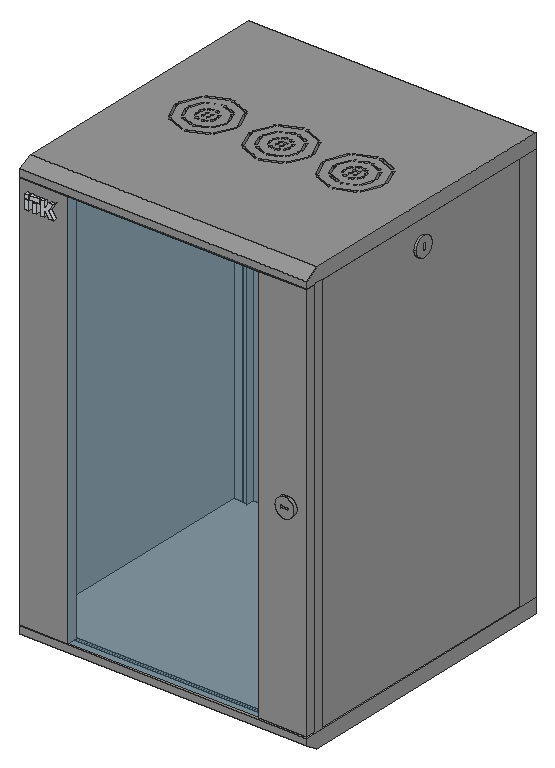
Revit family "Шкафы ITK серия W со стеклянной дверью", category Электрооборудование, Revit 2016 (continued)
Types in the file's own list only (20): name | Ширина УГО | Ширина | Материал | Засечка УГО | Глубина УГО | Глубина | Высота | ADSK_Ток | ADSK_Полная мощность | ADSK_Номинальная мощность | ADSK_Напряжение | ADSK_Наименование краткое | ADSK_Наименование | ADSK_Марка
  LWR3-09U66-GF | 6 мм | 600 мм | Окраска - RAL 7035 | 1 мм | 6 мм | 600 мм | 505 мм | 0 А | 1 В·А | 1 Вт | 220 В | "LWR3-09U66-GF" | "ITK Шкаф LINEA W 9U 600x600 мм дверь стекло, RAL7035" | "LWR3-09U66-GF"
  LWR3-12U66-GF | 6 мм | 600 мм | Окраска - RAL 7035 | 1 мм | 6 мм | 600 мм | 638 мм | 0 А | 1 В·А | 1 Вт | 220 В | "LWR3-12U66-GF" | "ITK Шкаф LINEA W 12U 600x600 мм дверь стекло, RAL7035" | "LWR3-12U66-GF"
  LWR3-15U66-GF | 6 мм | 600 мм | Окраска - RAL 7035 | 1 мм | 6 мм | 600 мм | 770 мм | 0 А | 1 В·А | 1 Вт | 220 В | "LWR3-15U66-GF" | "ITK Шкаф LINEA W 15U 600x600 мм дверь стекло, RAL7035" | "LWR3-15U66-GF"
  LWR3-18U66-GF | 6 мм | 600 мм | Окраска - RAL 7035 | 1 мм | 6 мм | 600 мм | 905 мм | 0 А | 1 В·А | 1 Вт | 220 В | "LWR3-18U66-GF" | "ITK Шкаф LINEA W 18U 600x600 мм дверь стекло, RAL7035" | "LWR3-18U66-GF"
  LWR5-06U66-GF | 6 мм | 600 мм | Окраска - RAL 9005 | 1 мм | 6 мм | 600 мм | 372 мм | 0 А | 1 В·А | 1 Вт | 220 В | "LWR5-06U66-GF" | "ITK Шкаф LINEA W 6U 600x600 мм дверь стекло, RAL9005" | "LWR5-06U66-GF"
  LWR5-09U66-GF | 6 мм | 600 мм | Окраска - RAL 9005 | 1 мм | 6 мм | 600 мм | 505 мм | 0 А | 1 В·А | 1 Вт | 220 В | "LWR5-09U66-GF" | "ITK Шкаф LINEA W 9U 600x600 мм дверь стекло, RAL9005" | "LWR5-09U66-GF"
  LWR5-12U66-GF | 6 мм | 600 мм | Окраска - RAL 9005 | 1 мм | 6 мм | 600 мм | 638 мм | 0 А | 1 В·А | 1 Вт | 220 В | "LWR5-12U66-GF" | "ITK Шкаф LINEA W 12U 600x600 мм дверь стекло, RAL9005" | "LWR5-12U66-GF"
  LWR5-15U66-GF | 6 мм | 600 мм | Окраска - RAL 9005 | 1 мм | 6 мм | 600 мм | 770 мм | 0 А | 1 В·А | 1 Вт | 220 В | "LWR5-15U66-GF" | "ITK Шкаф LINEA W 15U 600x600 мм дверь стекло, RAL9005" | "LWR5-15U66-GF"
  LWR5-18U66-GF | 6 мм | 600 мм | Окраска - RAL 9005 | 1 мм | 6 мм | 600 мм | 905 мм | 0 А | 1 В·А | 1 Вт | 220 В | "LWR5-18U66-GF" | "ITK Шкаф LINEA W 18U 600x600 мм дверь стекло, RAL9005" | "LWR5-18U66-GF"
